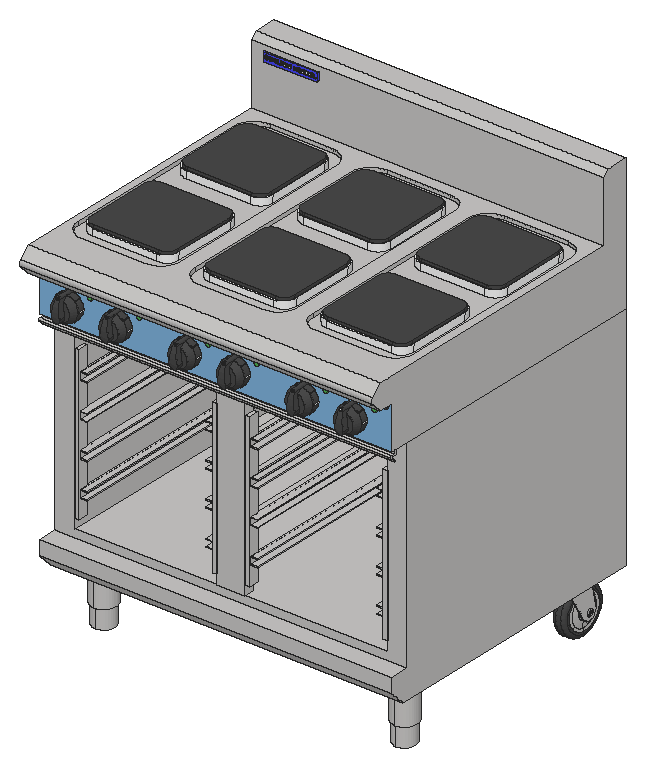
Revit family "QF_Moffat_E516S-CB_Electric_Cooktop_cat", category Specialty Equipment, Revit 2019
Family settings
  Round Connector Dimension = Use Diameter
  Part Type = Normal
  Work Plane-Based = No
  Always vertical = Yes
  Cut with Voids When Loaded = No
  Shared = No
  Room Calculation Point = No
Parameters (values of type "E516S-CB")
  Weight in Kilograms = 130
  Watts = 9130 W
  Volts = 415 V
  URL Cutsheet = ""
  Specification by User = ""
  Specification by Manufacturer = ""
  Show Logo [instance] = yes
  Show Legs [instance] = not(Show Castors)  # no
  Show Castors [instance] = yes
  Serial Number = ""
  Seismic Rating = ""
  SMACNA No = ""
  Revision Code = ""
  Phase = 3
  Number of Poles = 1
  NAFEM Spec ID Number = ""
  Model = "E516S-CB"
  Min Ckt Ampacity = 0 A
  Max Overcurrent Protection = 0 A
  Masterspec = ""
  Manufacturer = "Moffat"
  Length = 900 mm
  Item Number = ""
  Installed By = ""
  Identify Quantity as Lot = yes
  Height = 1085 mm
  HP = ""
  Furnished By = ""
  Foodservice Equipment Identifier = yes
  FL Amps = 22 A
  Electrical Remarks = ""
  Electric Connection Type = ""
  Elec Conn RI Height = 0 mm
  Elec Conn Connection Height = 0 mm
  Description = "Electric Cooktop"
  Depth = 812.2 mm
  Cycle = 60 Hz
  Conn Plug = ""
  Conn Conduit = yes
  CSI MasterFormat = ""
  Apparent Power = if(Phase = 3, Volts * FL Amps * 1.73, Volts * FL Amps)  # 15794.9 VA
Reference planes
  plane 1 "BACK": y = 0
  plane 2: z = 0
  plane 3 "LEFT": x = 0
  plane 4 "RIGHT": x = 900
  plane 5 "FRONT": y = -812.2
  plane 6 "TOP": z = 1085
  plane 7 "Center Y": x = 450
  plane 8 "Center X": y = -406.1
  plane 9: x = 65.5
  plane 10: x = 87.5
  plane 11: x = 211.766
  plane 12: y = -30
  plane 13: x = 770
  plane 14: x = 512.5
  plane 15: x = 388.234
  plane 16: x = 834.5
  plane 17: z = 150
  plane 18: y = -100
  plane 19: y = -625
  plane 20: z = 675
  plane 21: x = 812.5
  plane 22: x = 688.234
Forms (mm)
  Extrusion 1, solid, material "QF_Metal_Stainless_Polished"
    sketch origin (0, 0, 600) x (0, 1, 0) y (0, 0, 1)
      loop
        line (0, 140) -> (0, 485) -> (-55, 485) -> (-70, 470) -> (-70, 314.5) -> (-784.171, 314.5) -> (-808.685, 289.985)
        arc (-808.685, 289.985) -> (-812.2, 281.5) -> (-808.685, 273.015) r 12
        line (-808.685, 273.015) -> (-785.171, 249.5) -> (-749, 249.5) -> (-749, 140) -> (0, 140)
    from 0 to 900
  Extrusion 2, void
    sketch origin (0, -783.97, 914.5) x (0, 1, 0) y (-1, 0, 0)
      loop
        arc (683.77, -69) -> (669.125, -33.645) -> (633.77, -19) r 50
        line (633.77, -19) -> (133.569, -19)
        arc (133.569, -19) -> (98.214, -33.645) -> (83.569, -69) r 50
        line (83.569, -69) -> (83.569, -231)
        arc (83.569, -231) -> (98.214, -266.355) -> (133.569, -281) r 50
        line (133.569, -281) -> (633.77, -281)
        arc (633.77, -281) -> (669.125, -266.355) -> (683.77, -231) r 50
        line (683.77, -231) -> (683.77, -69)
      loop
        line (683.77, -831) -> (683.77, -669)
        arc (683.77, -669) -> (669.125, -633.645) -> (633.77, -619) r 50
        line (633.77, -619) -> (133.569, -619)
        arc (133.569, -619) -> (98.214, -633.645) -> (83.569, -669) r 50
        line (83.569, -669) -> (83.569, -831)
        arc (83.569, -831) -> (98.214, -866.355) -> (133.569, -881) r 50
        line (133.569, -881) -> (633.77, -881)
        arc (633.77, -881) -> (669.125, -866.355) -> (683.77, -831) r 50
      loop
        arc (83.569, -531) -> (98.214, -566.355) -> (133.569, -581) r 50
        line (133.569, -581) -> (633.77, -581)
        arc (633.77, -581) -> (669.125, -566.355) -> (683.77, -531) r 50
        line (683.77, -531) -> (683.77, -369)
        arc (683.77, -369) -> (669.125, -333.645) -> (633.77, -319) r 50
        line (633.77, -319) -> (133.569, -319)
        arc (133.569, -319) -> (98.214, -333.645) -> (83.569, -369) r 50
        line (83.569, -369) -> (83.569, -531)
    from 0 to -9.5
  Extrusion 3, solid, material "QF_Plastic_White_Smooth"
    sketch origin (0, -783.97, 905) x (0, 1, 0) y (-1, 0, 0)
      loop
        arc (647.77, -68) -> (638.397, -45.373) -> (615.77, -36) r 32
        line (615.77, -36) -> (451.569, -36)
        arc (451.569, -36) -> (428.942, -45.373) -> (419.569, -68) r 32
        line (419.569, -68) -> (419.569, -232)
        arc (419.569, -232) -> (428.942, -254.627) -> (451.569, -264) r 32
        line (451.569, -264) -> (615.77, -264)
        arc (615.77, -264) -> (638.397, -254.627) -> (647.77, -232) r 32
        line (647.77, -232) -> (647.77, -68)
      loop
        arc (347.569, -68) -> (338.197, -45.373) -> (315.569, -36) r 32
        line (315.569, -36) -> (151.569, -36)
        arc (151.569, -36) -> (128.942, -45.373) -> (119.569, -68) r 32
        line (119.569, -68) -> (119.569, -232)
        arc (119.569, -232) -> (128.942, -254.627) -> (151.569, -264) r 32
        line (151.569, -264) -> (315.569, -264)
        arc (315.569, -264) -> (338.197, -254.627) -> (347.569, -232) r 32
        line (347.569, -232) -> (347.569, -68)
      loop
        arc (647.77, -368) -> (638.397, -345.373) -> (615.77, -336) r 32
        line (615.77, -336) -> (451.569, -336)
        arc (451.569, -336) -> (428.942, -345.373) -> (419.569, -368) r 32
        line (419.569, -368) -> (419.569, -532)
        arc (419.569, -532) -> (428.942, -554.627) -> (451.569, -564) r 32
        line (451.569, -564) -> (615.77, -564)
        arc (615.77, -564) -> (638.397, -554.627) -> (647.77, -532) r 32
        line (647.77, -532) -> (647.77, -368)
      loop
        arc (419.569, -832) -> (428.942, -854.627) -> (451.569, -864) r 32
        line (451.569, -864) -> (615.77, -864)
        arc (615.77, -864) -> (638.397, -854.627) -> (647.77, -832) r 32
        line (647.77, -832) -> (647.77, -668)
        arc (647.77, -668) -> (638.397, -645.373) -> (615.77, -636) r 32
        line (615.77, -636) -> (451.569, -636)
        arc (451.569, -636) -> (428.942, -645.373) -> (419.569, -668) r 32
        line (419.569, -668) -> (419.569, -832)
      loop
        arc (347.569, -368) -> (338.197, -345.373) -> (315.569, -336) r 32
        line (315.569, -336) -> (151.569, -336)
        arc (151.569, -336) -> (128.942, -345.373) -> (119.569, -368) r 32
        line (119.569, -368) -> (119.569, -532)
        arc (119.569, -532) -> (128.942, -554.627) -> (151.569, -564) r 32
        line (151.569, -564) -> (315.569, -564)
        arc (315.569, -564) -> (338.197, -554.627) -> (347.569, -532) r 32
        line (347.569, -532) -> (347.569, -368)
      loop
        arc (119.569, -832) -> (128.942, -854.627) -> (151.569, -864) r 32
        line (151.569, -864) -> (315.569, -864)
        arc (315.569, -864) -> (338.197, -854.627) -> (347.569, -832) r 32
        line (347.569, -832) -> (347.569, -668)
        arc (347.569, -668) -> (338.197, -645.373) -> (315.569, -636) r 32
        line (315.569, -636) -> (151.569, -636)
        arc (151.569, -636) -> (128.942, -645.373) -> (119.569, -668) r 32
        line (119.569, -668) -> (119.569, -832)
    from 0 to 17.8
  Extrusion 4, solid, material "QF_Plastic_Black_Smooth"
    sketch origin (0, -783.97, 922.8) x (0, 1, 0) y (-1, 0, 0)
      loop
        arc (643.77, -67) -> (635.862, -47.908) -> (616.77, -40) r 27
        line (616.77, -40) -> (450.569, -40)
        arc (450.569, -40) -> (431.478, -47.908) -> (423.569, -67) r 27
        line (423.569, -67) -> (423.569, -233)
        arc (423.569, -233) -> (431.478, -252.092) -> (450.569, -260) r 27
        line (450.569, -260) -> (616.77, -260)
        arc (616.77, -260) -> (635.862, -252.092) -> (643.77, -233) r 27
        line (643.77, -233) -> (643.77, -67)
      loop
        arc (343.569, -67) -> (335.661, -47.908) -> (316.569, -40) r 27
        line (316.569, -40) -> (150.569, -40)
        arc (150.569, -40) -> (131.478, -47.908) -> (123.569, -67) r 27
        line (123.569, -67) -> (123.569, -233)
        arc (123.569, -233) -> (131.478, -252.092) -> (150.569, -260) r 27
        line (150.569, -260) -> (316.569, -260)
        arc (316.569, -260) -> (335.661, -252.092) -> (343.569, -233) r 27
        line (343.569, -233) -> (343.569, -67)
      loop
        line (643.77, -833) -> (643.77, -667)
        arc (643.77, -667) -> (635.862, -647.908) -> (616.77, -640) r 27
        line (616.77, -640) -> (450.569, -640)
        arc (450.569, -640) -> (431.478, -647.908) -> (423.569, -667) r 27
        line (423.569, -667) -> (423.569, -833)
        arc (423.569, -833) -> (431.478, -852.092) -> (450.569, -860) r 27
        line (450.569, -860) -> (616.77, -860)
        arc (616.77, -860) -> (635.862, -852.092) -> (643.77, -833) r 27
      loop
        line (423.569, -367) -> (423.569, -533)
        arc (423.569, -533) -> (431.478, -552.092) -> (450.569, -560) r 27
        line (450.569, -560) -> (616.77, -560)
        arc (616.77, -560) -> (635.862, -552.092) -> (643.77, -533) r 27
        line (643.77, -533) -> (643.77, -367)
        arc (643.77, -367) -> (635.862, -347.908) -> (616.77, -340) r 27
        line (616.77, -340) -> (450.569, -340)
        arc (450.569, -340) -> (431.478, -347.908) -> (423.569, -367) r 27
      loop
        line (343.569, -833) -> (343.569, -667)
        arc (343.569, -667) -> (335.661, -647.908) -> (316.569, -640) r 27
        line (316.569, -640) -> (150.569, -640)
        arc (150.569, -640) -> (131.478, -647.908) -> (123.569, -667) r 27
        line (123.569, -667) -> (123.569, -833)
        arc (123.569, -833) -> (131.478, -852.092) -> (150.569, -860) r 27
        line (150.569, -860) -> (316.569, -860)
        arc (316.569, -860) -> (335.661, -852.092) -> (343.569, -833) r 27
      loop
        line (123.569, -367) -> (123.569, -533)
        arc (123.569, -533) -> (131.478, -552.092) -> (150.569, -560) r 27
        line (150.569, -560) -> (316.569, -560)
        arc (316.569, -560) -> (335.661, -552.092) -> (343.569, -533) r 27
        line (343.569, -533) -> (343.569, -367)
        arc (343.569, -367) -> (335.661, -347.908) -> (316.569, -340) r 27
        line (316.569, -340) -> (150.569, -340)
        arc (150.569, -340) -> (131.478, -347.908) -> (123.569, -367) r 27
    from 0 to 6.1
  Extrusion 5, solid, material "QF_Metal_Stainless_Polished"
    sketch origin (0, 0, 600) x (0, 1, 0) y (0, 0, 1)
      loop
        line (-699, 85) -> (0, 85) -> (0, 140) -> (-699, 140) -> (-699, 85)
    from 0 to 900
  Extrusion 6, solid, material "QF_Metal_Stainless_Polished"
    sketch origin (0, 0, 600) x (0, 1, 0) y (0, 0, 1)
      loop
        line (-737.8, 140) -> (-737.8, 130) -> (-747.305, 130)
        arc (-747.305, 130) -> (-750.276, 128.015) -> (-749.579, 124.511) r 3.215
        line (-749.579, 124.511) -> (-739.05, 113.982) -> (-737.919, 115.113) -> (-748.447, 125.642)
        arc (-748.447, 125.642) -> (-748.797, 127.403) -> (-747.305, 128.4) r 1.615
        line (-747.305, 128.4) -> (-736.2, 128.4) -> (-736.2, 140) -> (-737.8, 140)
    from 0 to 900
  Extrusion 7, solid, material "QF_Metal_Stainless_Polished"
    sketch origin (450, 175.397, 1819.2) x (0, 1, 0) y (0, 0, 1)
      loop
        line (-874.397, -1109.2) -> (-896.434, -1109.2)
        arc (-896.434, -1109.2) -> (-898.034, -1110.8) -> (-896.434, -1112.4) r 1.6
        line (-896.434, -1112.4) -> (-874.397, -1112.4) -> (-874.397, -1109.2)
    from -400 to 400
  Extrusion 8, solid, material "QF_Paint_Green"
    sketch origin (0, -749, 740) x (0, 0, 1) y (-1, 0, 0)
      loop
        circle (84.8, -732.5) r 7.15
      loop
        circle (84.8, -857.5) r 7.15
      loop
        circle (84.8, -431.766) r 7.15
      loop
        circle (84.8, -556.766) r 7.15
      loop
        circle (84.8, -131.031) r 7.15
      loop
        circle (84.8, -256.031) r 7.15
    from 0 to 1.6
  Extrusion 9, solid, material "QF_Plastic_Black_Smooth"
    sketch origin (0, -749, 740) x (0, 0, 1) y (-1, 0, 0)
      loop
        circle (99.343, -13.157) r 5
      loop
        circle (99.343, -886.843) r 5
      loop
        circle (99.343, -87.5) r 5
      loop
        circle (99.343, -211.766) r 5
      loop
        circle (99.343, -388.234) r 5
      loop
        circle (99.343, -512.5) r 5
      loop
        circle (99.343, -688.234) r 5
      loop
        circle (99.343, -812.5) r 5
    from 0 to 1.6
  Extrusion 10, solid, material "QF_Metal_Stainless_Polished"
    sketch origin (-6096, 287.266, 675) x (0, 1, 0) y (-1, 0, 0)
      loop
        circle (-317.266, -6866) r 6.35
    from 0 to -1.6
  Extrusion 11, solid, material "QF_Metal_Stainless_Polished"
    sketch origin (-6096, 187.719, 150) x (0, 1, 0) y (-1, 0, 0)
      loop
        line (-187.719, -6096) -> (-886.719, -6096) -> (-886.719, -6146) -> (-235.719, -6146) -> (-235.719, -6946) -> (-886.719, -6946) -> (-886.719, -6996) -> (-187.719, -6996) -> (-187.719, -6096)
    from 0 to 535
  Extrusion 12, solid, material "QF_Metal_Stainless_Polished"
    sketch origin (0, 0, 0) x (0, 1, 0) y (0, 0, 1)
      loop
        line (-48, 150) -> (-48, 242.5) -> (-699, 242.5) -> (-699, 222.5) -> (-749, 222.5) -> (-749, 186) -> (-713, 150) -> (-48, 150)
    from 0 to 900
  Extrusion 13, solid, material "QF_Metal_Stainless_Polished"
    sketch origin (550, -48, 150) x (0, -1, 0) y (0, 0, 1)
      loop
        line (651, 92.5) -> (651, 535) -> (625.6, 535) -> (625.6, 92.5) -> (651, 92.5)
      loop
        line (0, 535) -> (0, 92.5) -> (25.4, 92.5) -> (25.4, 535) -> (0, 535)
    from 64.5 to 135.5
  Extrusion 14, solid, material "QF_Metal_Stainless_Polished"
    sketch origin (414.5, -48, 150) x (0, -1, 0) y (0, 0, 1)
      loop
        line (651, 507.5) -> (625.6, 507.5) -> (625.6, 117.5) -> (651, 117.5) -> (651, 507.5)
      loop
        line (25.4, 117.5) -> (25.4, 507.5) -> (0, 507.5) -> (0, 117.5) -> (25.4, 117.5)
    from 0 to 11.3
  Extrusion 15, solid, material "QF_Metal_Stainless_Polished"
    sketch origin (50, 0, 150) x (0, -1, 0) y (0, 0, -1)
      loop
        line (699, -507.5) -> (699, -117.5) -> (673.6, -117.5) -> (673.6, -507.5) -> (699, -507.5)
      loop
        line (75.4, -117.5) -> (48, -117.5) -> (48, -507.5) -> (75.4, -507.5) -> (75.4, -117.5)
    from 0 to 11.3
  Extrusion 16, solid, material "QF_Metal_Stainless_Polished"
    sketch origin (50, -48, 267.5) x (0, 0, 1) y (1, 0, 0)
      loop
        line (320, 334.2) -> (321.6, 334.2) -> (321.6, 351.6) -> (338.4, 351.6) -> (338.4, 334.2) -> (340, 334.2) -> (340, 353.2) -> (320, 353.2) -> (320, 334.2)
      loop
        line (230, 334.2) -> (231.6, 334.2) -> (231.6, 351.6) -> (248.4, 351.6) -> (248.4, 334.2) -> (250, 334.2) -> (250, 353.2) -> (230, 353.2) -> (230, 334.2)
      loop
        line (140, 334.2) -> (141.6, 334.2) -> (141.6, 351.6) -> (158.4, 351.6) -> (158.4, 334.2) -> (160, 334.2) -> (160, 353.2) -> (140, 353.2) -> (140, 334.2)
      loop
        line (50, 334.2) -> (51.6, 334.2) -> (51.6, 351.6) -> (68.4, 351.6) -> (68.4, 334.2) -> (70, 334.2) -> (70, 353.2) -> (50, 353.2) -> (50, 334.2)
    from 0 to -649
  Extrusion 17, solid, material "QF_Metal_Stainless_Polished"
    sketch origin (50, -48, 267.5) x (0, 0, 1) y (1, 0, 0)
      loop
        line (320, 30.3) -> (320, 11.3) -> (340, 11.3) -> (340, 30.3) -> (338.4, 30.3) -> (338.4, 12.9) -> (321.6, 12.9) -> (321.6, 30.3) -> (320, 30.3)
      loop
        line (230, 30.3) -> (230, 11.3) -> (250, 11.3) -> (250, 30.3) -> (248.4, 30.3) -> (248.4, 12.9) -> (231.6, 12.9) -> (231.6, 30.3) -> (230, 30.3)
      loop
        line (140, 30.3) -> (140, 11.3) -> (160, 11.3) -> (160, 30.3) -> (158.4, 30.3) -> (158.4, 12.9) -> (141.6, 12.9) -> (141.6, 30.3) -> (140, 30.3)
      loop
        line (50, 30.3) -> (50, 11.3) -> (70, 11.3) -> (70, 30.3) -> (68.4, 30.3) -> (68.4, 12.9) -> (51.6, 12.9) -> (51.6, 30.3) -> (50, 30.3)
    from 0 to -649
  Revolve 18, solid, material "QF_Metal_Stainless_Polished"
    sketch origin (65.5, -4572, -304.8) x (0, 0, -1) y (0, -1, 0)
      loop
        line (-304.8, -3947) -> (-454.8, -3947) -> (-454.8, -3978.75) -> (-354.8, -3978.75) -> (-354.8, -3974.5) -> (-304.8, -3974.5) -> (-304.8, -3947)
      axis (-454.8, -3947) -> (-304.8, -3947)
    angle from 0 to 360
  Revolve 19, solid, material "QF_Metal_Stainless_Polished"
    sketch origin (834.5, -4572, -304.8) x (0, 0, -1) y (0, 1, 0)
      loop
        line (-304.8, 3947) -> (-304.8, 3974.5) -> (-354.8, 3974.5) -> (-354.8, 3978.75) -> (-454.8, 3978.75) -> (-454.8, 3947) -> (-304.8, 3947)
      axis (-454.8, 3947) -> (-304.8, 3947)
    angle from 0 to 360
  Extrusion 20, solid, material "QF_Metal_Stainless_Polished"
    sketch origin (485.5, -48, 150) x (0, -1, 0) y (0, 0, -1)
      loop
        line (651, -507.5) -> (651, -117.5) -> (625.6, -117.5) -> (625.6, -507.5) -> (651, -507.5)
      loop
        line (25.4, -117.5) -> (0, -117.5) -> (0, -507.5) -> (25.4, -507.5) -> (25.4, -117.5)
    from 0 to 11.3
  Extrusion 21, solid, material "QF_Metal_Stainless_Polished"
    sketch origin (850, 0, 150) x (0, -1, 0) y (0, 0, 1)
      loop
        line (699, 507.5) -> (673.6, 507.5) -> (673.6, 117.5) -> (699, 117.5) -> (699, 507.5)
      loop
        line (75.4, 117.5) -> (75.4, 507.5) -> (48, 507.5) -> (48, 117.5) -> (75.4, 117.5)
    from 0 to 11.3
  Extrusion 22, solid, material "QF_Metal_Stainless_Polished"
    sketch origin (850, -48, 267.5) x (0, 0, 1) y (1, 0, 0)
      loop
        line (320, -334.2) -> (320, -353.2) -> (340, -353.2) -> (340, -334.2) -> (338.4, -334.2) -> (338.4, -351.6) -> (321.6, -351.6) -> (321.6, -334.2) -> (320, -334.2)
      loop
        line (230, -334.2) -> (230, -353.2) -> (250, -353.2) -> (250, -334.2) -> (248.4, -334.2) -> (248.4, -351.6) -> (231.6, -351.6) -> (231.6, -334.2) -> (230, -334.2)
      loop
        line (140, -334.2) -> (140, -353.2) -> (160, -353.2) -> (160, -334.2) -> (158.4, -334.2) -> (158.4, -351.6) -> (141.6, -351.6) -> (141.6, -334.2) -> (140, -334.2)
      loop
        line (50, -334.2) -> (50, -353.2) -> (70, -353.2) -> (70, -334.2) -> (68.4, -334.2) -> (68.4, -351.6) -> (51.6, -351.6) -> (51.6, -334.2) -> (50, -334.2)
    from 0 to -649
  Extrusion 23, solid, material "QF_Metal_Stainless_Polished"
    sketch origin (850, -48, 267.5) x (0, 0, 1) y (1, 0, 0)
      loop
        line (320, -30.3) -> (321.6, -30.3) -> (321.6, -12.9) -> (338.4, -12.9) -> (338.4, -30.3) -> (340, -30.3) -> (340, -11.3) -> (320, -11.3) -> (320, -30.3)
      loop
        line (230, -30.3) -> (231.6, -30.3) -> (231.6, -12.9) -> (248.4, -12.9) -> (248.4, -30.3) -> (250, -30.3) -> (250, -11.3) -> (230, -11.3) -> (230, -30.3)
      loop
        line (140, -30.3) -> (141.6, -30.3) -> (141.6, -12.9) -> (158.4, -12.9) -> (158.4, -30.3) -> (160, -30.3) -> (160, -11.3) -> (140, -11.3) -> (140, -30.3)
      loop
        line (50, -30.3) -> (51.6, -30.3) -> (51.6, -12.9) -> (68.4, -12.9) -> (68.4, -30.3) -> (70, -30.3) -> (70, -11.3) -> (50, -11.3) -> (50, -30.3)
    from 0 to -649
  Revolve 24, solid, material "QF_Metal_Stainless_Polished", visible <- "Show Legs"
    sketch origin (65.5, -4047, -304.8) x (0, 0, -1) y (0, -1, 0)
      loop
        line (-304.8, -3947) -> (-454.8, -3947) -> (-454.8, -3978.75) -> (-354.8, -3978.75) -> (-354.8, -3974.5) -> (-304.8, -3974.5) -> (-304.8, -3947)
      axis (-454.8, -3947) -> (-304.8, -3947)
    angle from 0 to 360
  Revolve 25, solid, material "QF_Metal_Stainless_Polished", visible <- "Show Legs"
    sketch origin (834.5, -4047, -304.8) x (0, 0, -1) y (0, 1, 0)
      loop
        line (-304.8, 3947) -> (-304.8, 3974.5) -> (-354.8, 3974.5) -> (-354.8, 3978.75) -> (-454.8, 3978.75) -> (-454.8, 3947) -> (-304.8, 3947)
      axis (-454.8, 3947) -> (-304.8, 3947)
    angle from 0 to 360
Cuts and joins
  Extrusion 2 cuts Extrusion 1
  joined: Extrusion 5, Extrusion 11, Extrusion 12
Lines and regions (mm)
  symbolic lines
    curve 1: line (0, 0, 0) -> (900, 0, 0)
    curve 2: line (0, -812.2, 0) -> (0, 0, 0)
    curve 3: line (900, -812.2, 0) -> (0, -812.2, 0)
    curve 4: line (900, 0, 0) -> (900, -812.2, 0)
    curve 5: line (0, -70, 0) -> (900, -70, 0)
    curve 6: line (0, -55, 0) -> (900, -55, 0)
    curve 7: line (0, -784.171, 0) -> (900, -784.171, 0)
    curve 8: line (231, -700.2, 0) -> (69, -700.2, 0)
    curve 9: arc (69, -700.2, 0) -> (33.645, -685.555, 0) -> (19, -650.2, 0) r 50
    curve 10: line (19, -650.2, 0) -> (19, -150.2, 0)
    curve 11: arc (19, -150.2, 0) -> (33.645, -114.845, 0) -> (69, -100.2, 0) r 50
    curve 12: line (69, -100.2, 0) -> (231, -100.2, 0)
    curve 13: arc (231, -100.2, 0) -> (266.355, -114.845, 0) -> (281, -150.2, 0) r 50
    curve 14: line (281, -150.2, 0) -> (281, -650.2, 0)
    curve 15: arc (281, -650.2, 0) -> (266.355, -685.555, 0) -> (231, -700.2, 0) r 50
    curve 16: arc (369, -700.2, 0) -> (333.645, -685.555, 0) -> (319, -650.2, 0) r 50
    curve 17: line (319, -650.2, 0) -> (319, -150.2, 0)
    curve 18: arc (319, -150.2, 0) -> (333.645, -114.845, 0) -> (369, -100.2, 0) r 50
    curve 19: line (369, -100.2, 0) -> (531, -100.2, 0)
    curve 20: arc (531, -100.2, 0) -> (566.355, -114.845, 0) -> (581, -150.2, 0) r 50
    curve 21: line (581, -150.2, 0) -> (581, -650.2, 0)
    curve 22: arc (581, -650.2, 0) -> (566.355, -685.555, 0) -> (531, -700.2, 0) r 50
    curve 23: line (531, -700.2, 0) -> (369, -700.2, 0)
    curve 24: arc (669, -700.2, 0) -> (633.645, -685.555, 0) -> (619, -650.2, 0) r 50
    curve 25: line (619, -650.2, 0) -> (619, -150.2, 0)
    curve 26: arc (619, -150.2, 0) -> (633.645, -114.845, 0) -> (669, -100.2, 0) r 50
    curve 27: line (669, -100.2, 0) -> (831, -100.2, 0)
    curve 28: arc (831, -100.2, 0) -> (866.355, -114.845, 0) -> (881, -150.2, 0) r 50
    curve 29: line (881, -150.2, 0) -> (881, -650.2, 0)
    curve 30: arc (881, -650.2, 0) -> (866.355, -685.555, 0) -> (831, -700.2, 0) r 50
    curve 31: line (831, -700.2, 0) -> (669, -700.2, 0)
    curve 32: arc (532, -664.2, 0) -> (554.627, -654.827, 0) -> (564, -632.2, 0) r 32
    curve 33: line (564, -632.2, 0) -> (564, -468.2, 0)
    curve 34: arc (564, -468.2, 0) -> (554.627, -445.573, 0) -> (532, -436.2, 0) r 32
    curve 35: line (532, -436.2, 0) -> (368, -436.2, 0)
    curve 36: arc (368, -436.2, 0) -> (345.373, -445.573, 0) -> (336, -468.2, 0) r 32
    curve 37: line (336, -468.2, 0) -> (336, -632.2, 0)
    curve 38: arc (336, -632.2, 0) -> (345.373, -654.827, 0) -> (368, -664.2, 0) r 32
    curve 39: line (368, -664.2, 0) -> (532, -664.2, 0)
    curve 40: arc (533, -660.2, 0) -> (552.092, -652.292, 0) -> (560, -633.2, 0) r 27
    curve 41: line (560, -633.2, 0) -> (560, -467.2, 0)
    curve 42: arc (560, -467.2, 0) -> (552.092, -448.108, 0) -> (533, -440.2, 0) r 27
    curve 43: line (533, -440.2, 0) -> (367, -440.2, 0)
    curve 44: arc (367, -440.2, 0) -> (347.908, -448.108, 0) -> (340, -467.2, 0) r 27
    curve 45: line (340, -467.2, 0) -> (340, -633.2, 0)
    curve 46: arc (340, -633.2, 0) -> (347.908, -652.292, 0) -> (367, -660.2, 0) r 27
    curve 47: line (367, -660.2, 0) -> (533, -660.2, 0)
    curve 48: line (668, -664.2, 0) -> (832, -664.2, 0)
    curve 49: arc (832, -664.2, 0) -> (854.627, -654.827, 0) -> (864, -632.2, 0) r 32
    curve 50: line (864, -632.2, 0) -> (864, -468.2, 0)
    curve 51: arc (864, -468.2, 0) -> (854.627, -445.573, 0) -> (832, -436.2, 0) r 32
    curve 52: line (832, -436.2, 0) -> (668, -436.2, 0)
    curve 53: arc (668, -436.2, 0) -> (645.373, -445.573, 0) -> (636, -468.2, 0) r 32
    curve 54: line (636, -468.2, 0) -> (636, -632.2, 0)
    curve 55: arc (636, -632.2, 0) -> (645.373, -654.827, 0) -> (668, -664.2, 0) r 32
    curve 56: line (667, -660.2, 0) -> (833, -660.2, 0)
    curve 57: arc (833, -660.2, 0) -> (852.092, -652.292, 0) -> (860, -633.2, 0) r 27
    curve 58: line (860, -633.2, 0) -> (860, -467.2, 0)
    curve 59: arc (860, -467.2, 0) -> (852.092, -448.108, 0) -> (833, -440.2, 0) r 27
    curve 60: line (833, -440.2, 0) -> (667, -440.2, 0)
    curve 61: arc (667, -440.2, 0) -> (647.908, -448.108, 0) -> (640, -467.2, 0) r 27
    curve 62: line (640, -467.2, 0) -> (640, -633.2, 0)
    curve 63: arc (640, -633.2, 0) -> (647.908, -652.292, 0) -> (667, -660.2, 0) r 27
    curve 64: arc (636, -332.2, 0) -> (645.373, -354.827, 0) -> (668, -364.2, 0) r 32
    curve 65: line (668, -364.2, 0) -> (832, -364.2, 0)
    curve 66: arc (832, -364.2, 0) -> (854.627, -354.827, 0) -> (864, -332.2, 0) r 32
    curve 67: line (864, -332.2, 0) -> (864, -168.2, 0)
    curve 68: arc (864, -168.2, 0) -> (854.627, -145.573, 0) -> (832, -136.2, 0) r 32
    curve 69: line (832, -136.2, 0) -> (668, -136.2, 0)
    curve 70: arc (668, -136.2, 0) -> (645.373, -145.573, 0) -> (636, -168.2, 0) r 32
    curve 71: line (636, -168.2, 0) -> (636, -332.2, 0)
    curve 72: arc (640, -333.2, 0) -> (647.908, -352.292, 0) -> (667, -360.2, 0) r 27
    curve 73: line (667, -360.2, 0) -> (833, -360.2, 0)
    curve 74: arc (833, -360.2, 0) -> (852.092, -352.292, 0) -> (860, -333.2, 0) r 27
    curve 75: line (860, -333.2, 0) -> (860, -167.2, 0)
    curve 76: arc (860, -167.2, 0) -> (852.092, -148.108, 0) -> (833, -140.2, 0) r 27
    curve 77: line (833, -140.2, 0) -> (667, -140.2, 0)
    curve 78: arc (667, -140.2, 0) -> (647.908, -148.108, 0) -> (640, -167.2, 0) r 27
    curve 79: line (640, -167.2, 0) -> (640, -333.2, 0)
    curve 80: arc (533, -360.2, 0) -> (552.092, -352.292, 0) -> (560, -333.2, 0) r 27
    curve 81: line (560, -333.2, 0) -> (560, -167.2, 0)
    curve 82: arc (560, -167.2, 0) -> (552.092, -148.108, 0) -> (533, -140.2, 0) r 27
    curve 83: line (533, -140.2, 0) -> (367, -140.2, 0)
    curve 84: arc (367, -140.2, 0) -> (347.908, -148.108, 0) -> (340, -167.2, 0) r 27
    curve 85: line (340, -167.2, 0) -> (340, -333.2, 0)
    curve 86: arc (340, -333.2, 0) -> (347.908, -352.292, 0) -> (367, -360.2, 0) r 27
    curve 87: line (367, -360.2, 0) -> (533, -360.2, 0)
    curve 88: arc (532, -364.2, 0) -> (554.627, -354.827, 0) -> (564, -332.2, 0) r 32
    curve 89: line (564, -332.2, 0) -> (564, -168.2, 0)
    curve 90: arc (564, -168.2, 0) -> (554.627, -145.573, 0) -> (532, -136.2, 0) r 32
    curve 91: line (532, -136.2, 0) -> (368, -136.2, 0)
    curve 92: arc (368, -136.2, 0) -> (345.373, -145.573, 0) -> (336, -168.2, 0) r 32
    curve 93: line (336, -168.2, 0) -> (336, -332.2, 0)
    curve 94: arc (336, -332.2, 0) -> (345.373, -354.827, 0) -> (368, -364.2, 0) r 32
    curve 95: line (368, -364.2, 0) -> (532, -364.2, 0)
    curve 96: arc (233, -360.2, 0) -> (252.092, -352.292, 0) -> (260, -333.2, 0) r 27
    curve 97: line (260, -333.2, 0) -> (260, -167.2, 0)
    curve 98: arc (260, -167.2, 0) -> (252.092, -148.108, 0) -> (233, -140.2, 0) r 27
    curve 99: line (233, -140.2, 0) -> (67, -140.2, 0)
    curve 100: arc (67, -140.2, 0) -> (47.908, -148.108, 0) -> (40, -167.2, 0) r 27
    curve 101: line (40, -167.2, 0) -> (40, -333.2, 0)
    curve 102: arc (40, -333.2, 0) -> (47.908, -352.292, 0) -> (67, -360.2, 0) r 27
    curve 103: line (67, -360.2, 0) -> (233, -360.2, 0)
    curve 104: arc (232, -364.2, 0) -> (254.627, -354.827, 0) -> (264, -332.2, 0) r 32
    curve 105: line (264, -332.2, 0) -> (264, -168.2, 0)
    curve 106: arc (264, -168.2, 0) -> (254.627, -145.573, 0) -> (232, -136.2, 0) r 32
    curve 107: line (232, -136.2, 0) -> (68, -136.2, 0)
    curve 108: arc (68, -136.2, 0) -> (45.373, -145.573, 0) -> (36, -168.2, 0) r 32
    curve 109: line (36, -168.2, 0) -> (36, -332.2, 0)
    curve 110: arc (36, -332.2, 0) -> (45.373, -354.827, 0) -> (68, -364.2, 0) r 32
    curve 111: line (68, -364.2, 0) -> (232, -364.2, 0)
    curve 112: arc (260, -467.2, 0) -> (252.092, -448.108, 0) -> (233, -440.2, 0) r 27
    curve 113: line (233, -440.2, 0) -> (67, -440.2, 0)
    curve 114: arc (67, -440.2, 0) -> (47.908, -448.108, 0) -> (40, -467.2, 0) r 27
    curve 115: line (40, -467.2, 0) -> (40, -633.2, 0)
    curve 116: arc (40, -633.2, 0) -> (47.908, -652.292, 0) -> (67, -660.2, 0) r 27
    curve 117: line (67, -660.2, 0) -> (233, -660.2, 0)
    curve 118: arc (233, -660.2, 0) -> (252.092, -652.292, 0) -> (260, -633.2, 0) r 27
    curve 119: line (260, -633.2, 0) -> (260, -467.2, 0)
    curve 120: arc (264, -468.2, 0) -> (254.627, -445.573, 0) -> (232, -436.2, 0) r 32
    curve 121: line (232, -436.2, 0) -> (68, -436.2, 0)
    curve 122: arc (68, -436.2, 0) -> (45.373, -445.573, 0) -> (36, -468.2, 0) r 32
    curve 123: line (36, -468.2, 0) -> (36, -632.2, 0)
    curve 124: arc (36, -632.2, 0) -> (45.373, -654.827, 0) -> (68, -664.2, 0) r 32
    curve 125: line (68, -664.2, 0) -> (232, -664.2, 0)
    curve 126: arc (232, -664.2, 0) -> (254.627, -654.827, 0) -> (264, -632.2, 0) r 32
    curve 127: line (264, -632.2, 0) -> (264, -468.2, 0)
Dimensions and locks
  equal spacing: plane 3 "LEFT", plane 7 "Center Y", plane 4 "RIGHT"
  "Length": plane 3 "LEFT" to plane 4 "RIGHT"
  equal spacing: plane 5 "FRONT", plane 8 "Center X", plane 1 "BACK"
  "Depth": plane 5 "FRONT" to plane 1 "BACK"
  "Height": plane 6 "TOP" to level
  plane 4 "RIGHT" to plane 3 "LEFT" = 900 mm
  plane 1 "BACK" to cut or joined group of Extrusion 1, Extrusion 2 = 70 mm
  plane 1 "BACK" to plane 5 "FRONT" = 812.2 mm
  plane 6 "TOP" to plane 2 = 1085 mm
  cut or joined group of Extrusion 1, Extrusion 2 to plane 2 = 914.5 mm
  locked: plane 13 to plane 4 "RIGHT" at 130
  plane 9 to plane 16 = 769 mm
  plane 17 to plane 2 = 150 mm
  plane 1 "BACK" to plane 18 = 100 mm
  plane 18 to plane 19 = 525 mm
  plane 20 to plane 2 = 675 mm
  plane 1 "BACK" to plane 12 = 30 mm
  aligned and locked: level to plane 2
Automatic sketch dimensions
  plane 1 "BACK" to curve 1 = 0 mm
  curve 1 to plane 3 "LEFT" = 0 mm
  curve 7 to plane 4 "RIGHT" = 0 mm
  plane 5 "FRONT" to curve 3 = 0 mm
  plane 3 "LEFT" to curve 10 = 19 mm
  plane 9 to curve 109 = 29.5 mm
  plane 19 to curve 123 = 7.2 mm
  curve 10 to curve 123 = 17 mm
  curve 124 to curve 115 = 4 mm
  curve 108 to curve 101 = 4 mm
  curve 113 to plane 9 = 1.5 mm
  curve 99 to plane 9 = 1.5 mm
  curve 103 to plane 9 = 1.5 mm
  curve 116 to plane 9 = 1.5 mm
  curve 100 to curve 108 = 1 mm
  curve 102 to curve 110 = 1 mm
  curve 125 to plane 9 = 2.5 mm
  curve 121 to plane 9 = 2.5 mm
  curve 11 to plane 9 = 3.5 mm
  curve 8 to plane 9 = 3.5 mm
  plane 11 to curve 15 = 19.234 mm
  plane 11 to curve 13 = 19.234 mm
  plane 19 to curve 126 = 7.2 mm
  curve 15 to curve 126 = 1 mm
  plane 11 to curve 111 = 20.234 mm
  plane 11 to curve 120 = 20.234 mm
  curve 13 to curve 106 = 1 mm
  curve 104 to curve 96 = 1 mm
  curve 120 to curve 112 = 1 mm
  curve 106 to curve 99 = 1 mm
  curve 126 to curve 117 = 1 mm
  curve 119 to curve 126 = 4 mm
  curve 98 to curve 97 = 27 mm
  curve 97 to curve 105 = 4 mm
  curve 126 to curve 14 = 17 mm
  curve 14 to curve 17 = 38 mm
  curve 18 to curve 93 = 17 mm
  plane 19 to curve 37 = 7.2 mm
  curve 17 to curve 37 = 17 mm
  curve 92 to curve 85 = 4 mm
  curve 36 to curve 45 = 4 mm
  plane 19 to curve 46 = 8.2 mm
  plane 15 to curve 46 = 21.234 mm
  plane 15 to curve 87 = 21.234 mm
  plane 15 to curve 43 = 21.234 mm
  plane 15 to curve 84 = 21.234 mm
  curve 84 to curve 91 = 1 mm
  curve 44 to curve 36 = 1 mm
  curve 86 to curve 94 = 1 mm
  curve 46 to curve 38 = 1 mm
  curve 47 to curve 16 = 2 mm
  plane 18 to curve 19 = 0.2 mm
  plane 15 to curve 19 = 19.234 mm
  plane 14 to curve 23 = 18.5 mm
  plane 14 to curve 19 = 18.5 mm
  plane 14 to curve 35 = 19.5 mm
  plane 14 to curve 95 = 19.5 mm
  plane 19 to curve 32 = 7.2 mm
  curve 22 to curve 32 = 1 mm
  curve 20 to curve 91 = 1 mm
  curve 88 to curve 87 = 1 mm
  curve 34 to curve 43 = 1 mm
  curve 90 to curve 83 = 1 mm
  curve 32 to curve 40 = 1 mm
  curve 41 to curve 32 = 4 mm
  curve 80 to curve 81 = 27 mm
  curve 82 to curve 89 = 4 mm
  curve 32 to curve 21 = 17 mm
  curve 20 to curve 25 = 38 mm
  plane 22 to curve 54 = 52.234 mm
  curve 26 to curve 71 = 17 mm
  curve 53 to curve 62 = 4 mm
  curve 70 to curve 79 = 4 mm
  plane 22 to curve 77 = 21.234 mm
  plane 22 to curve 60 = 21.234 mm
  plane 22 to curve 73 = 21.234 mm
  plane 19 to curve 63 = 8.2 mm
  plane 22 to curve 63 = 21.234 mm
  curve 72 to curve 64 = 1 mm
  curve 78 to curve 69 = 1 mm
  curve 63 to curve 55 = 1 mm
  curve 61 to curve 52 = 1 mm
  plane 22 to curve 31 = 19.234 mm
  curve 78 to curve 26 = 2 mm
  plane 18 to curve 27 = 0.2 mm
  curve 27 to plane 16 = 3.5 mm
  curve 30 to plane 16 = 3.5 mm
  curve 49 to plane 16 = 2.5 mm
  curve 66 to plane 16 = 2.5 mm
  curve 69 to plane 16 = 2.5 mm
  curve 52 to plane 16 = 2.5 mm
  curve 68 to curve 76 = 1 mm  (x2)
  curve 49 to curve 57 = 1 mm
  curve 66 to curve 74 = 1 mm
  curve 51 to curve 59 = 1 mm
  plane 19 to curve 58 = 8.2 mm
  plane 16 to curve 75 = 25.5 mm
  curve 58 to curve 50 = 4 mm
  curve 75 to curve 67 = 4 mm
  plane 4 "RIGHT" to curve 29 = 19 mm
  curve 23 to curve 39 = 36 mm
  curve 8 to curve 125 = 36 mm
  curve 31 to curve 56 = 40 mm
  curve 48 to curve 57 = 4 mm
  curve 124 to curve 117 = 4 mm
  curve 123 to plane 8 "Center X" = 62.1 mm
  curve 53 to plane 8 "Center X" = 62.1 mm
  curve 37 to plane 8 "Center X" = 62.1 mm
  curve 36 to curve 45 = 1 mm
  curve 53 to curve 62 = 1 mm
  curve 127 to curve 119 = 1 mm
  plane 8 "Center X" to curve 65 = 41.9 mm
  plane 8 "Center X" to curve 111 = 41.9 mm
  plane 8 "Center X" to curve 95 = 41.9 mm
  curve 88 to curve 87 = 4 mm
  curve 104 to curve 103 = 4 mm
  curve 65 to curve 73 = 4 mm
  curve 105 to curve 17 = 18 mm
  curve 89 to curve 20 = 18 mm
  curve 71 to curve 26 = 18 mm
  curve 90 to curve 82 = 1 mm
  curve 105 to curve 97 = 1 mm
  curve 105 to curve 14 = 18 mm
  curve 3 to curve 7 = 28.029 mm
  curve 5 to plane 18 = 30 mm
  curve 5 to curve 6 = 15 mm
  Extrusion 1 sketch curve to plane 6 "TOP" = 0 mm
  Extrusion 1 sketch curve to plane 1 "BACK" = 0 mm
  plane 12 to Extrusion 1 sketch curve = 25 mm
  Extrusion 1 sketch curve to plane 6 "TOP" = 15 mm
  Extrusion 1 sketch curve to Extrusion 1 sketch curve = 15 mm
  Extrusion 1 sketch curve to plane 5 "FRONT" = 63.2 mm
  Extrusion 1 sketch curve to plane 5 "FRONT" = 28.029 mm
  Extrusion 1 sketch curve to plane 5 "FRONT" = 27.029 mm
  Extrusion 1 sketch curve to plane 5 "FRONT" = 12 mm
  Extrusion 1 sketch curve to plane 5 "FRONT" = 3.515 mm  (x2)
  Extrusion 1 sketch curve to plane 6 "TOP" = 170.5 mm
  Extrusion 1 sketch curve to Extrusion 1 sketch curve = 24.515 mm
  Extrusion 1 sketch curve to Extrusion 1 sketch curve = 8.485 mm
  Extrusion 1 sketch curve to Extrusion 1 sketch curve = 32 mm
  plane 20 to Extrusion 1 sketch curve = 65 mm
  Extrusion 2 sketch curve to Extrusion 1 = 83.77 mm  (x3)
  Extrusion 2 sketch curve to Extrusion 2 sketch curve = 50 mm  (x4)
  Extrusion 2 sketch curve to Extrusion 2 sketch curve = 0 mm  (x3)
  Extrusion 1 to Extrusion 2 sketch curve = 19 mm
  Extrusion 1 to Extrusion 2 sketch curve = 80.2 mm  (x5)
  Extrusion 1 to Extrusion 2 sketch curve = 30.2 mm  (x3)
  Extrusion 2 sketch curve to Extrusion 2 sketch curve = 162 mm  (x2)
  Extrusion 2 sketch curve to Extrusion 2 sketch curve = 38 mm  (x2)
  Extrusion 1 to Extrusion 2 sketch curve = 69 mm
  Extrusion 3 sketch curve to Extrusion 2 = 36 mm  (x3)
  Extrusion 3 sketch curve to Extrusion 2 = 17 mm  (x11)
  Extrusion 3 sketch curve to Extrusion 3 sketch curve = 32 mm  (x18)
  Extrusion 3 sketch curve to Extrusion 3 sketch curve = 164 mm  (x4)
  Extrusion 3 sketch curve to Extrusion 2 = 49 mm  (x2)
  Extrusion 3 sketch curve to Extrusion 3 sketch curve = 0 mm
  Extrusion 3 sketch curve to Extrusion 3 sketch curve = 72 mm  (x3)
  Extrusion 3 sketch curve to Extrusion 2 = 68 mm  (x6)
  Extrusion 4 sketch curve to Extrusion 3 = 4 mm  (x22)
  Extrusion 4 sketch curve to Extrusion 3 = 31 mm  (x22)
  Extrusion 4 sketch curve to Extrusion 4 sketch curve = 27 mm  (x4)
  Extrusion 5 sketch curve to plane 1 "BACK" = 0 mm
  plane 20 to Extrusion 5 sketch curve = 10 mm
  plane 19 to Extrusion 5 sketch curve = 74 mm
  Extrusion 5 sketch curve to Extrusion 5 sketch curve = 55 mm
  Extrusion 6 sketch curve to Extrusion 6 sketch curve = 0 mm  (x2)
  Extrusion 6 sketch curve to plane 5 "FRONT" = 62.621 mm
  Extrusion 6 sketch curve to Extrusion 6 sketch curve = 1.131 mm  (x2)
  Extrusion 6 sketch curve to Extrusion 6 sketch curve = 1.142 mm  (x2)
  plane 20 to Extrusion 6 sketch curve = 38.982 mm
  Extrusion 6 sketch curve to Extrusion 6 sketch curve = 10.529 mm
  plane 20 to Extrusion 6 sketch curve = 40.113 mm
  Extrusion 6 sketch curve to Extrusion 6 sketch curve = 9.505 mm
  Extrusion 6 sketch curve to Extrusion 6 sketch curve = 1.6 mm
  Extrusion 6 sketch curve to Extrusion 6 sketch curve = 10 mm
  plane 20 to Extrusion 7 sketch curve = 35 mm
  Extrusion 7 sketch curve to plane 5 "FRONT" = 91.163 mm
  Extrusion 7 sketch curve to Extrusion 7 sketch curve = 22.037 mm
  Extrusion 7 sketch curve to Extrusion 7 sketch curve = 1.6 mm
  Extrusion 1 to Extrusion 8 sketch curve = 24.7 mm  (x6)
  Extrusion 1 to Extrusion 8 sketch curve = 42.5 mm
  Extrusion 8 sketch curve to Extrusion 8 sketch curve = 125 mm  (x3)
  Extrusion 8 sketch curve to Extrusion 8 sketch curve = 175.734 mm  (x2)
  plane 12 to Extrusion 10 sketch curve = 0 mm
  Extrusion 10 sketch curve to plane 13 = 0 mm
  Extrusion 11 sketch curve to plane 3 "LEFT" = 0 mm
  Extrusion 11 sketch curve to plane 4 "RIGHT" = 0 mm
  plane 1 "BACK" to Extrusion 11 sketch curve = 0 mm
  plane 12 to Extrusion 11 sketch curve = 18 mm
  plane 9 to Extrusion 11 sketch curve = 15.5 mm
  plane 19 to Extrusion 11 sketch curve = 74 mm  (x2)
  plane 16 to Extrusion 11 sketch curve = 15.5 mm
  Extrusion 12 sketch curve to plane 17 = 0 mm
  Extrusion 12 sketch curve to plane 5 "FRONT" = 63.2 mm
  Extrusion 12 sketch curve to Extrusion 12 sketch curve = 36 mm
  Extrusion 12 sketch curve to Extrusion 12 sketch curve = 50 mm
  plane 12 to Extrusion 12 sketch curve = 18 mm
  plane 17 to Extrusion 12 sketch curve = 36 mm
  Extrusion 12 sketch curve to Extrusion 12 sketch curve = 36.5 mm
  Extrusion 12 sketch curve to Extrusion 12 sketch curve = 92.5 mm
  plane 12 to Extrusion 13 sketch curve = 18 mm
  plane 20 to Extrusion 13 sketch curve = 10 mm  (x2)
  Extrusion 13 sketch curve to Extrusion 13 sketch curve = 25.4 mm  (x2)
  plane 19 to Extrusion 13 sketch curve = 48.6 mm
  plane 17 to Extrusion 13 sketch curve = 92.5 mm  (x2)
  Extrusion 14 sketch curve to Extrusion 13 = 0 mm  (x4)
  Extrusion 14 sketch curve to Extrusion 13 = 25 mm  (x2)
  Extrusion 14 sketch curve to Extrusion 13 = 27.5 mm  (x2)
  plane 12 to Extrusion 15 sketch curve = 18 mm
  Extrusion 15 sketch curve to plane 18 = 24.6 mm
  Extrusion 15 sketch curve to plane 20 = 17.5 mm  (x2)
  plane 19 to Extrusion 15 sketch curve = 48.6 mm
  Extrusion 15 sketch curve to Extrusion 15 sketch curve = 25.4 mm
  plane 17 to Extrusion 15 sketch curve = 117.5 mm  (x2)
  Extrusion 16 sketch curve to Extrusion 15 = 50 mm
  Extrusion 16 sketch curve to Extrusion 16 sketch curve = 1.6 mm  (x12)
  Extrusion 16 sketch curve to Extrusion 16 sketch curve = 16.8 mm  (x4)
  Extrusion 16 sketch curve to Extrusion 16 sketch curve = 70 mm  (x3)
  Extrusion 16 sketch curve to Extrusion 15 = 322.9 mm
  Extrusion 16 sketch curve to Extrusion 16 sketch curve = 0 mm  (x7)
  Extrusion 16 sketch curve to Extrusion 16 sketch curve = 17.4 mm  (x4)
  Extrusion 15 to Extrusion 17 sketch curve = 0 mm  (x4)
  Extrusion 17 sketch curve to Extrusion 15 = 19 mm  (x4)
  Extrusion 17 sketch curve to Extrusion 15 = 50 mm
  Extrusion 17 sketch curve to Extrusion 17 sketch curve = 1.6 mm  (x8)
  Extrusion 17 sketch curve to Extrusion 15 = 1.6 mm  (x4)
  Extrusion 17 sketch curve to Extrusion 17 sketch curve = 16.8 mm  (x4)
  Extrusion 17 sketch curve to Extrusion 17 sketch curve = 70 mm  (x3)
  Extrusion 17 sketch curve to Extrusion 17 sketch curve = 17.4 mm  (x3)
  Extrusion 17 sketch curve to Extrusion 17 sketch curve = 0 mm
  Revolve 18 sketch curve to plane 17 = 0 mm
  Revolve 18 sketch curve to level = 0 mm  (x2)
  Revolve 18 sketch curve to plane 19 = 0 mm  (x2)
  Revolve 18 sketch curve to Revolve 18 sketch curve = 50 mm
  Revolve 18 sketch curve to plane 19 = 27.5 mm
  Revolve 18 sketch curve to plane 19 = 31.75 mm
  Revolve 18 sketch curve to Revolve 18 sketch curve = 35 mm
  Revolve 19 sketch curve to plane 17 = 0 mm
  Revolve 19 sketch curve to level = 0 mm  (x2)
  Revolve 19 sketch curve to plane 19 = 0 mm  (x2)
  level to Revolve 19 sketch curve = 50 mm
  Revolve 19 sketch curve to Revolve 19 sketch curve = 27.5 mm
  Revolve 19 sketch curve to Revolve 19 sketch curve = 31.75 mm
  Revolve 19 sketch curve to Revolve 19 sketch curve = 35 mm
  plane 12 to Extrusion 20 sketch curve = 18 mm
  Extrusion 20 sketch curve to Extrusion 20 sketch curve = 25.4 mm  (x2)
  Extrusion 20 sketch curve to plane 20 = 17.5 mm  (x2)
  plane 19 to Extrusion 20 sketch curve = 48.6 mm
  plane 17 to Extrusion 20 sketch curve = 117.5 mm  (x2)
  plane 12 to Extrusion 21 sketch curve = 18 mm
  Extrusion 21 sketch curve to plane 18 = 24.6 mm
  Extrusion 21 sketch curve to plane 20 = 17.5 mm  (x2)
  plane 19 to Extrusion 21 sketch curve = 48.6 mm
  Extrusion 21 sketch curve to Extrusion 21 sketch curve = 25.4 mm
  plane 17 to Extrusion 21 sketch curve = 117.5 mm  (x2)
  Extrusion 22 sketch curve to Extrusion 21 = 50 mm
  Extrusion 22 sketch curve to Extrusion 22 sketch curve = 1.6 mm  (x12)
  Extrusion 22 sketch curve to Extrusion 22 sketch curve = 16.8 mm  (x4)
  Extrusion 22 sketch curve to Extrusion 22 sketch curve = 70 mm  (x3)
  Extrusion 22 sketch curve to Extrusion 21 = 341.9 mm
  Extrusion 22 sketch curve to Extrusion 22 sketch curve = 0 mm  (x4)
  Extrusion 22 sketch curve to Extrusion 22 sketch curve = 17.4 mm  (x7)
  Extrusion 23 sketch curve to Extrusion 21 = 0 mm  (x4)
  Extrusion 23 sketch curve to Extrusion 21 = 19 mm  (x4)
  Extrusion 23 sketch curve to Extrusion 21 = 50 mm
  Extrusion 23 sketch curve to Extrusion 23 sketch curve = 1.6 mm  (x8)
  Extrusion 23 sketch curve to Extrusion 21 = 1.6 mm  (x4)
  Extrusion 23 sketch curve to Extrusion 23 sketch curve = 16.8 mm  (x4)
  Extrusion 23 sketch curve to Extrusion 23 sketch curve = 70 mm  (x3)
  Extrusion 23 sketch curve to Extrusion 23 sketch curve = 0 mm  (x2)
  Extrusion 23 sketch curve to Extrusion 23 sketch curve = 17.4 mm  (x2)
  Revolve 24 sketch curve to plane 17 = 0 mm
  Revolve 24 sketch curve to level = 0 mm  (x2)
  Revolve 24 sketch curve to plane 18 = 0 mm  (x2)
  Revolve 24 sketch curve to Revolve 24 sketch curve = 50 mm
  Revolve 24 sketch curve to plane 18 = 27.5 mm
  Revolve 24 sketch curve to Revolve 24 sketch curve = 31.75 mm
  Revolve 24 sketch curve to level = 35 mm
  Revolve 25 sketch curve to plane 17 = 0 mm
  Revolve 25 sketch curve to level = 0 mm  (x2)
  Revolve 25 sketch curve to plane 18 = 0 mm  (x2)
  Revolve 25 sketch curve to Revolve 25 sketch curve = 50 mm
  Revolve 25 sketch curve to Revolve 25 sketch curve = 27.5 mm
  Revolve 25 sketch curve to Revolve 25 sketch curve = 31.75 mm
  Revolve 25 sketch curve to level = 35 mm
  Extrusion 1 to Extrusion 9 sketch curve = 10.157 mm  (x8)
  Extrusion 1 to Extrusion 9 sketch curve = 13.157 mm  (x2)
  Extrusion 9 sketch curve to Extrusion 9 sketch curve = 74.343 mm
  Extrusion 9 sketch curve to Extrusion 9 sketch curve = 124.266 mm  (x2)
  Extrusion 9 sketch curve to Extrusion 9 sketch curve = 175.734 mm
  Extrusion 9 sketch curve to Extrusion 9 sketch curve = 176.469 mm
  Extrusion 1 to Extrusion 9 sketch curve = 87.5 mm
  radius of Extrusion 8 sketch curve = 7.15 mm  (x6)
  radius of Extrusion 10 sketch curve = 6.35 mm
  radius of Extrusion 9 sketch curve = 5 mm  (x8)
Nested families
  nested 1: "Knob" at (55.003, -749, 762.803), type "Knob"
  nested 2: "Knob" at (179.269, -749, 762.803), type "Knob"
  nested 3: "QF_LOGO_BLue Seal" at (32, -70, 1033.885), visible <- "Show Logo", type "QF_LOGO_BLue Seal"
  nested 4: "Knob" at (355.738, -749, 762.803), type "Knob"
  nested 5: "Knob" at (480.003, -749, 762.803), type "Knob"
  nested 6: "6 INCHES 02_CASTER" at (834.5, -100, 0), Show Casters <- "Show Castors", type "6 INCHES 02_CASTER"
    with Type Mark "", Specification by User "", Show Casters yes, Revision Code "", Item Number "", Installed By "", Identify Quantity as Lot yes, Furnished By "", Foodservice Equipment Identifier yes
  nested 7: "6 INCHES 02_CASTER" at (65.5, -100, 0), Show Casters <- "Show Castors", type "6 INCHES 02_CASTER"
    with Type Mark "", Specification by User "", Show Casters yes, Revision Code "", Item Number "", Installed By "", Identify Quantity as Lot yes, Furnished By "", Foodservice Equipment Identifier yes
  nested 8: "Knob" at (655.738, -749, 762.803), type "Knob"
  nested 9: "Knob" at (780.003, -749, 762.803), type "Knob"
Connectors
  electrical at (770, -30, 673.4), driven by "Volts", driven by "Watts"
    settings: on Extrusion 10, index 1, voltage 415 V, apparent load 9130 VA, apparent load phase1 0 VA, apparent load phase2 0 VA, apparent load phase3 0 VA, power factor 1, load classification "Other", number of poles 1, system type 30, power factor state 1, is connector primary yes, connector utility no, sub classification motor no, connector description "Electrical Connection"
Definition of nested family "Knob"
  Parameters (values of type "Knob")
    Weight in Pounds = 0
    URL Cutsheet = ""
    Specification by User = ""
    Specification by Manufacturer = ""
    Serial Number = ""
    Seismic Rating = ""
    SMACNA No = ""
    Revision Code = ""
    NAFEM Spec ID Number = ""
    Masterspec = ""
    Length = 65 mm
    Item Number = ""
    Installed By = ""
    Identify Quantity as Lot = yes
    Height = 69.5 mm
    Furnished By = ""
    Foodservice Equipment Identifier = yes
    Depth = 59 mm
    CSI MasterFormat = ""
  Reference planes
    plane 1 "BACK": y = 0
    plane 2: z = 0
    plane 3 "LEFT": x = 0
    plane 4 "RIGHT": x = 65
    plane 5 "FRONT": y = -59
    plane 6 "TOP": z = 69.5
    plane 7 "Center Y": x = 32.5
    plane 8 "Center X": y = -29.5
  Forms (mm)
    Revolve 1, solid
      sketch origin (32.5, 175.397, 1219.2) x (0, 1, 0) y (0, 0, 1)
        loop
          line (-175.397, -1186.7) -> (-219.397, -1186.7) -> (-219.397, -1211.501) -> (-202.106, -1219.2) -> (-185.397, -1219.2) -> (-185.397, -1191.7) -> (-175.397, -1191.7) -> (-175.397, -1186.7)
        axis (-219.397, -1186.7) -> (-175.397, -1186.7)
      angle from 0 to 360
    Extrusion 2, solid
      sketch origin (32.5, 175.397, 1219.2) x (0, 1, 0) y (0, 0, 1)
        loop
          line (-202.106, -1154.2) -> (-185.397, -1154.2) -> (-185.397, -1149.7) -> (-224.105, -1149.7)
          arc (-224.105, -1149.7) -> (-233.965, -1178.467) -> (-230.696, -1208.7) r 70
          line (-230.696, -1208.7) -> (-219.397, -1208.7) -> (-219.397, -1161.899) -> (-202.106, -1154.2)
      from -15 to 15
    Extrusion 3, void
      sketch origin (0, 0, 0) x (1, 0, 0) y (0, 0, 1)
        loop
          line (27.501, 64.613) -> (22.02, 20.585)
          arc (22.02, 20.585) -> (32.792, 10.488) -> (42.986, 21.169) r 10.487
          line (42.986, 21.169) -> (37.499, 64.613)
          arc (37.499, 64.613) -> (32.5, 69.5) -> (27.501, 64.613) r 5
        loop
          line (10, 72.977) -> (10, 5.625) -> (55, 5.625) -> (55, 72.977) -> (10, 72.977)
      from 6.142 to 69.687
    Extrusion 4, solid
      sketch origin (0, -34.115, -16.916) x (1, 0, 0) y (0, 0.45399, 0.891007)
        loop
          circle (32.497, 65) r 2
      from 51.525 to 53.075
    Extrusion 5, solid
      sketch origin (32.5, -10, 32.5) x (0, 0, -1) y (-1, 0, 0)
        loop
          line (-23.54, -22.408) -> (-24.106, -22.974)
          arc (-24.106, -22.974) -> (-23.547, -23.547) -> (-22.974, -24.106) r 33.3
          line (-22.974, -24.106) -> (-22.408, -23.54)
          arc (-22.408, -23.54) -> (-22.981, -22.981) -> (-23.54, -22.408) r 32.5
        loop
          arc (-0.8, -33.29) -> (0, -33.3) -> (0.8, -33.29) r 33.3
          line (0.8, -33.29) -> (0.8, -32.49)
          arc (0.8, -32.49) -> (0, -32.5) -> (-0.8, -32.49) r 32.5
          line (-0.8, -32.49) -> (-0.8, -33.29)
        loop
          arc (23.54, -22.408) -> (22.981, -22.981) -> (22.408, -23.54) r 32.5
          line (22.408, -23.54) -> (22.974, -24.106)
          arc (22.974, -24.106) -> (23.547, -23.547) -> (24.106, -22.974) r 33.3
          line (24.106, -22.974) -> (23.54, -22.408)
        loop
          arc (-23.54, 22.408) -> (-22.981, 22.981) -> (-22.408, 23.54) r 32.5
          line (-22.408, 23.54) -> (-22.974, 24.106)
          arc (-22.974, 24.106) -> (-23.547, 23.547) -> (-24.106, 22.974) r 33.3
          line (-24.106, 22.974) -> (-23.54, 22.408)
        loop
          line (-0.8, 33.29) -> (-0.8, 32.49)
          arc (-0.8, 32.49) -> (0, 32.5) -> (0.8, 32.49) r 32.5
          line (0.8, 32.49) -> (0.8, 33.29)
          arc (0.8, 33.29) -> (0, 33.3) -> (-0.8, 33.29) r 33.3
        loop
          line (32.49, -0.8) -> (33.29, -0.8)
          arc (33.29, -0.8) -> (33.3, 0) -> (33.29, 0.8) r 33.3
          line (33.29, 0.8) -> (32.49, 0.8)
          arc (32.49, 0.8) -> (32.5, 0) -> (32.49, -0.8) r 32.5
        loop
          arc (24.106, 22.974) -> (23.547, 23.547) -> (22.974, 24.106) r 33.3
          line (22.974, 24.106) -> (22.408, 23.54)
          arc (22.408, 23.54) -> (22.981, 22.981) -> (23.54, 22.408) r 32.5
          line (23.54, 22.408) -> (24.106, 22.974)
      from 0 to -16.709
  Cuts and joins
    Extrusion 3 cuts Extrusion 2
  Dimensions and locks
    equal spacing: plane 3 "LEFT", plane 7 "Center Y", plane 4 "RIGHT"
    "Length": plane 3 "LEFT" to plane 4 "RIGHT"
    equal spacing: plane 5 "FRONT", plane 8 "Center X", plane 1 "BACK"
    "Depth": plane 5 "FRONT" to plane 1 "BACK"
    "Height": plane 6 "TOP" to level
    plane 4 "RIGHT" to plane 3 "LEFT" = 65 mm
    aligned and locked: level to plane 2
  Automatic sketch dimensions
    Revolve 1 sketch curve to level = 0 mm
    Revolve 1 sketch curve to plane 1 "BACK" = 0 mm  (x2)
    plane 1 "BACK" to Revolve 1 sketch curve = 10 mm
    plane 8 "Center X" to Revolve 1 sketch curve = 2.791 mm
    Revolve 1 sketch curve to plane 8 "Center X" = 14.5 mm
    level to Revolve 1 sketch curve = 7.699 mm
    level to Revolve 1 sketch curve = 27.5 mm
    Revolve 1 sketch curve to Revolve 1 sketch curve = 5 mm
    Revolve 1 sketch curve to Revolve 1 sketch curve = 35 mm
    Revolve 1 sketch curve to Revolve 1 sketch curve = 0 mm
    Extrusion 2 sketch curve to plane 6 "TOP" = 0 mm
    Extrusion 2 sketch curve to plane 5 "FRONT" = 3.702 mm
    Extrusion 2 sketch curve to plane 5 "FRONT" = 10.293 mm
    Extrusion 2 sketch curve to Extrusion 2 sketch curve = 11.298 mm
    plane 8 "Center X" to Extrusion 2 sketch curve = 2.791 mm
    plane 1 "BACK" to Extrusion 2 sketch curve = 10 mm
    Extrusion 2 sketch curve to plane 1 "BACK" = 11 mm
    Extrusion 2 sketch curve to plane 6 "TOP" = 4.5 mm
    Extrusion 2 sketch curve to plane 6 "TOP" = 12.199 mm
    level to Extrusion 2 sketch curve = 32.962 mm
    level to Extrusion 3 sketch curve = 5.625 mm
    Extrusion 3 sketch curve to plane 7 "Center Y" = 0 mm  (x2)
    Extrusion 3 sketch curve to plane 7 "Center Y" = 4.999 mm
    Extrusion 3 sketch curve to plane 7 "Center Y" = 10.48 mm
    plane 6 "TOP" to Extrusion 3 sketch curve = 3.477 mm
    plane 3 "LEFT" to Extrusion 3 sketch curve = 10 mm
    Extrusion 3 sketch curve to plane 6 "TOP" = 4.887 mm
    Extrusion 3 sketch curve to Extrusion 3 sketch curve = 4.999 mm
    plane 7 "Center Y" to Extrusion 3 sketch curve = 10.486 mm
    level to Extrusion 3 sketch curve = 20.585 mm
    Extrusion 3 sketch curve to Extrusion 3 sketch curve = 0.387 mm
    Extrusion 3 sketch curve to Extrusion 3 sketch curve = 0.113 mm
    plane 4 "RIGHT" to Extrusion 3 sketch curve = 10 mm
    Extrusion 5 sketch curve to Revolve 1 = 32.49 mm
    Revolve 1 to Extrusion 5 sketch curve = 32.49 mm
    Extrusion 5 sketch curve to Revolve 1 = 23.54 mm  (x2)
    Revolve 1 to Extrusion 5 sketch curve = 23.54 mm  (x2)
    Extrusion 5 sketch curve to Revolve 1 = 24.106 mm  (x2)
    Revolve 1 to Extrusion 5 sketch curve = 24.106 mm  (x2)
    Revolve 1 to Extrusion 5 sketch curve = 22.408 mm  (x2)
    Extrusion 5 sketch curve to Revolve 1 = 22.408 mm  (x2)
    Revolve 1 to Extrusion 5 sketch curve = 22.974 mm  (x2)
    Extrusion 5 sketch curve to Revolve 1 = 22.974 mm  (x2)
    Extrusion 5 sketch curve to Extrusion 5 sketch curve = 1.6 mm  (x2)
    Revolve 1 to Extrusion 5 sketch curve = 0.8 mm
    Extrusion 5 sketch curve to Revolve 1 = 0.8 mm
    Extrusion 4 sketch curve to plane 7 "Center Y" = 0.003 mm
    radius of Extrusion 5 sketch curve to Revolve 1 = 0 mm  (x7)
    radius of Revolve 1 to Extrusion 5 sketch curve = 0.8 mm  (x7)
    radius of Extrusion 4 sketch curve = 2 mm
Definition of nested family "QF_LOGO_BLue Seal"
  Parameters (values of type "QF_LOGO_BLue Seal")
    Weight in Pounds = 0
    URL Cutsheet = ""
    Specification by User = ""
    Specification by Manufacturer = ""
    Serial Number = ""
    Seismic Rating = ""
    SMACNA No = ""
    Revision Code = ""
    NAFEM Spec ID Number = ""
    Masterspec = ""
    Length = 138 mm
    Item Number = ""
    Installed By = ""
    Identify Quantity as Lot = yes
    Height = 23 mm
    Furnished By = ""
    Foodservice Equipment Identifier = yes
    Depth = 3.175 mm
    CSI MasterFormat = ""
  Reference planes
    plane 1 "BACK": y = 0
    plane 2: z = 0
    plane 3 "LEFT": x = 0
    plane 4 "RIGHT": x = 138
    plane 5 "FRONT": y = -3.175
    plane 6 "TOP": z = 23
    plane 7 "Center Y": x = 69
    plane 8 "Center X": y = -1.587
  Forms (mm)
    Extrusion 1, solid
      sketch origin (0, 0, 0) x (1, 0, 0) y (0, 0, 1)
        loop
          arc (2, 23) -> (0.586, 22.414) -> (0, 21) r 2
          line (0, 21) -> (0, 2)
          arc (0, 2) -> (0.586, 0.586) -> (2, 0) r 2
          line (2, 0) -> (136, 0)
          arc (136, 0) -> (137.414, 0.586) -> (138, 2) r 2
          line (138, 2) -> (138, 21)
          arc (138, 21) -> (137.414, 22.414) -> (136, 23) r 2
          line (136, 23) -> (2, 23)
        loop
          arc (16.625, 15.317) -> (15.943, 15.034) -> (15.66, 14.352) r 0.965
          line (15.66, 14.352) -> (15.66, 8.169)
          arc (15.66, 8.169) -> (15.953, 7.461) -> (16.66, 7.169) r 1
          line (16.66, 7.169) -> (27.958, 7.169)
